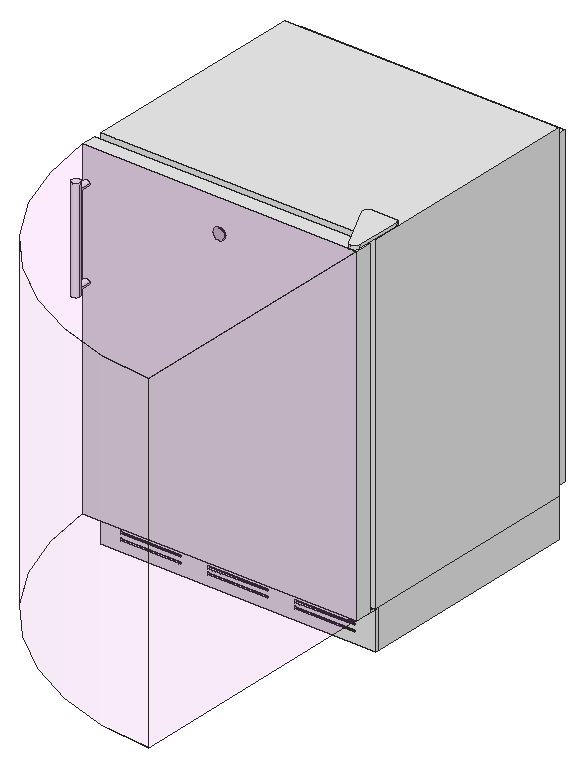
Revit family "QF_Summit_FF7LWADA_Refrigerator", category Specialty Equipment, Revit 2020
Family settings
  Round Connector Dimension = Use Diameter
  Part Type = Normal
  Work Plane-Based = No
  Always vertical = Yes
  Cut with Voids When Loaded = No
  Shared = No
  Room Calculation Point = No
Parameters
  Weight in Pounds = 100
  Watts = Volts * FL Amps  # 103.5 W
  Volts = 115 V
  URL Cutsheet = ""
  Specification by User = ""
  Specification by Manufacturer = ""
  Show LHD [instance] = no
  Right Hinged Door [instance] = not(Show LHD)  # yes
  Serial Number = ""
  Seismic Rating = ""
  SMACNA No = ""
  Revision Code = ""
  Refrigerant Volume = 0.00 kip
  Refrigerant Type = "R600a"
  Phase = 1
  Number of Poles = 1
  NAFEM Spec ID Number = ""
  Model = "FF7LWADA"
  Min Ckt Ampacity = 0 A
  Max Overcurrent Protection = 0 A
  Masterspec = ""
  Manufacturer = "Summit"
  Length = 23 5/8"
  Item Number = ""
  Installed By = ""
  Identify Quantity as Lot = yes
  Height = 32 1/4"
  HP = ""
  Furnished By = ""
  Foodservice Equipment Identifier = yes
  FL Amps = 0.9 A
  Electrical Remarks = ""
  Electric Connection Type = ""
  Elec Conn RI Height = 0"
  Elec Conn Connection Height = 0"
  Description = "Refrigerator"
  Depth = 23"
  Default Elevation = 0"
  Cycle = 60 Hz
  Conn Plug = ""
  Conn Conduit = yes
  CSI MasterFormat = ""
  BTUH = 0.0 Btu/h
  Apparent Power = if(Phase = 3, Volts * FL Amps * 1.73, Volts * FL Amps)  # 103.5 VA
Reference planes (in)
  plane 1 "BACK": y = 0
  plane 2: z = 0
  plane 3 "LEFT": x = 0
  plane 4 "RIGHT": x = 23.625
  plane 5 "FRONT": y = -23
  plane 6 "TOP": z = 32.25
  plane 7 "Center Y": x = 11.8125
  plane 8 "Center X": y = -11.5
  plane 9: z = 32
  plane 10: y = -24.5
  plane 11: y = -45.375
  plane 12: y = -1.25
  plane 13: y = -21
  plane 14: x = 16.625
  plane 15: z = 3.5
  plane 16: z = 0.25
  plane 17: z = 29.75
Forms (in)
  Extrusion 1, solid, material "QF_Clearances_Door_Drawer", visible <- "Right Hinged Door"
    sketch origin (-5.77638, -180, 3.5) x (0, -1, 0) y (-1, 0, 0)
      loop
        line (-157, -29.40138) -> (-134.625, -29.40138)
        arc (-134.625, -29.40138) -> (-141.23974, -13.26493) -> (-157, -5.79807) r 24.13488
        line (-157, -5.79807) -> (-157, -29.40138)
    from 0 to -28.5
  Extrusion 2, solid, material "QF_Metallic_Paint_White_Smooth"
    sketch origin (-4.07558, -180, 0.375) x (-1, 0, 0) y (0, -1, 0)
      loop
        line (-4.07558, -178.75) -> (-4.07558, -159) -> (-27.70058, -159) -> (-27.70058, -178.75) -> (-4.07558, -178.75)
    from 3.125 to 31.625
  Extrusion 3, solid, material "QF_Metallic_Paint_White_Smooth"
    sketch origin (-5.77638, -180.25, 3.625) x (-1, 0, 0) y (0, -1, 0)
      loop
        line (-5.77638, -157.25) -> (-29.40138, -157.25) -> (-29.40138, -158.61283) -> (-5.77638, -158.61283) -> (-5.77638, -157.25)
    from -0.125 to 28.375
  Extrusion 4, solid, material "QF_Metallic_Paint_White_Smooth"
    sketch origin (23.625, -21.63717, 3.625) x (-1, 0, 0) y (0, 0, 1)
      loop
        line (0.5, 0.375) -> (23.125, 0.375) -> (23.125, 27.875) -> (0.5, 27.875) -> (0.5, 0.375)
    from 0 to 0.63717
  Extrusion 5, solid, material "QF_Metallic_Paint_White_Smooth", visible <- "Right Hinged Door"
    sketch origin (-5.77638, -180.25, 32) x (-1, 0, 0) y (0, -1, 0)
      loop
        arc (-29.27619, -161.72812) -> (-29.20297, -161.9049) -> (-29.02619, -161.97812) r 0.25
        line (-29.02619, -161.97812) -> (-26.9149, -161.97812)
        arc (-26.9149, -161.97812) -> (-26.55876, -161.77457) -> (-26.55339, -161.36441) r 0.41333
        line (-26.55339, -161.36441) -> (-28.47012, -157.54371)
        arc (-28.47012, -157.54371) -> (-28.95386, -157.33588) -> (-29.27619, -157.75217) r 0.42999
        line (-29.27619, -157.75217) -> (-29.27619, -161.72812)
    from 0 to 0.25
  Extrusion 6, solid, material "QF_Metallic_Paint_White_Smooth", visible <- "Right Hinged Door"
    sketch origin (-5.77638, -180, 3.5) x (0, 1, 0) y (1, 0, 0)
      loop
        line (159, 29.27619) -> (157.50217, 29.27619)
        arc (157.50217, 29.27619) -> (157.08588, 28.95386) -> (157.29371, 28.47012) r 0.42999
        line (157.29371, 28.47012) -> (159, 27.61413) -> (159, 29.27619)
    from 0 to 0.125
  Extrusion 7, solid, material "QF_Metallic_Paint_White_Smooth"
    sketch origin (-12.48311, -21, 48.125) x (-1, 0, 0) y (0, 0, 1)
      loop
        line (-12.48311, -44.625) -> (-36.10811, -44.625) -> (-36.10811, -47.875) -> (-12.48311, -47.875) -> (-12.48311, -44.625)
      loop
        line (-14.18872, -45.26011) -> (-19.43872, -45.26011) -> (-19.43872, -45.51011) -> (-14.18872, -45.51011) -> (-14.18872, -45.26011)
      loop
        line (-14.18872, -45.76011) -> (-19.43872, -45.76011) -> (-19.43872, -46.01011) -> (-14.18872, -46.01011) -> (-14.18872, -45.76011)
      loop
        line (-14.18872, -46.26011) -> (-19.43872, -46.26011) -> (-19.43872, -46.51011) -> (-14.18872, -46.51011) -> (-14.18872, -46.26011)
      loop
        line (-14.18872, -46.76011) -> (-19.43872, -46.76011) -> (-19.43872, -47.01011) -> (-14.18872, -47.01011) -> (-14.18872, -46.76011)
      loop
        line (-21.67061, -45.26011) -> (-26.92061, -45.26011) -> (-26.92061, -45.51011) -> (-21.67061, -45.51011) -> (-21.67061, -45.26011)
      loop
        line (-21.67061, -45.76011) -> (-26.92061, -45.76011) -> (-26.92061, -46.01011) -> (-21.67061, -46.01011) -> (-21.67061, -45.76011)
      loop
        line (-21.67061, -46.26011) -> (-26.92061, -46.26011) -> (-26.92061, -46.51011) -> (-21.67061, -46.51011) -> (-21.67061, -46.26011)
      loop
        line (-21.67061, -46.76011) -> (-26.92061, -46.76011) -> (-26.92061, -47.01011) -> (-21.67061, -47.01011) -> (-21.67061, -46.76011)
      loop
        line (-34.40249, -45.26011) -> (-34.40249, -45.51011) -> (-29.15249, -45.51011) -> (-29.15249, -45.26011) -> (-34.40249, -45.26011)
      loop
        line (-34.40249, -45.76011) -> (-34.40249, -46.01011) -> (-29.15249, -46.01011) -> (-29.15249, -45.76011) -> (-34.40249, -45.76011)
      loop
        line (-34.40249, -46.26011) -> (-34.40249, -46.51011) -> (-29.15249, -46.51011) -> (-29.15249, -46.26011) -> (-34.40249, -46.26011)
      loop
        line (-34.40249, -46.76011) -> (-34.40249, -47.01011) -> (-29.15249, -47.01011) -> (-29.15249, -46.76011) -> (-34.40249, -46.76011)
    from 0 to 0.25
  Extrusion 8, solid, material "QF_Metallic_Paint_White_Smooth"
    sketch origin (-12.48311, -1, 48.125) x (-1, 0, 0) y (0, 0, 1)
      loop
        line (-12.48311, -44.625) -> (-36.10811, -44.625) -> (-36.10811, -47.875) -> (-12.48311, -47.875) -> (-12.48311, -44.625)
    from -19.75 to -0.25
  Extrusion 9, solid, material "QF_Metallic_Paint_White_Smooth"
    sketch origin (0, 0, 0.125) x (1, 0, 0) y (0, 1, 0)
      loop
        circle (3.1104, -19) r 0.5
      loop
        circle (3.1104, -3.25) r 0.5
      loop
        circle (19.67791, -19) r 0.5
      loop
        circle (19.67791, -3.25) r 0.5
    from -0.125 to 0.125
  Extrusion 10, solid, material "QF_Metallic_Paint_White_Smooth"
    sketch origin (-1.83669, -1.25, 0.375) x (1, 0, 0) y (0, 0, -1)
      loop
        circle (17.46169, -0.84684) r 0.25
    from 0 to 0.25
  Extrusion 11, solid, material "QF_Metallic_Paint_White_Smooth"
    sketch origin (0, -0.75, 17.875) x (0, -1, 0) y (1, 0, 0)
      loop
        line (-0.75, 0.5) -> (0.5, 0.5) -> (0.5, 23.125) -> (-0.75, 23.125) -> (-0.75, 0.5)
    from -13.875 to 13.25
  Extrusion 12, solid, material "QF_Metal_Stainless_Polished"
    sketch origin (0, -23, 3.625) x (1, 0, 0) y (0, 0, 1)
      loop
        circle (11.8125, 25.625) r 0.5
    from 0 to 0.0625
  Extrusion 13, solid, material "QF_Clearances_Door_Drawer", visible <- "Show LHD"
    sketch origin (29.40138, -180, 3.5) x (0, 1, 0) y (1, 0, 0)
      loop
        line (157, -29.40138) -> (157, -5.79807)
        arc (157, -5.79807) -> (141.23974, -13.26493) -> (134.625, -29.40138) r 24.13488
        line (134.625, -29.40138) -> (157, -29.40138)
    from 0 to -28.5
  Extrusion 14, solid, material "QF_Metallic_Paint_White_Smooth", visible <- "Show LHD"
    sketch origin (29.40138, -180.25, 32) x (1, 0, 0) y (0, 1, 0)
      loop
        line (-29.27619, 161.72812) -> (-29.27619, 157.75217)
        arc (-29.27619, 157.75217) -> (-28.95386, 157.33588) -> (-28.47012, 157.54371) r 0.42999
        line (-28.47012, 157.54371) -> (-26.55339, 161.36441)
        arc (-26.55339, 161.36441) -> (-26.55876, 161.77457) -> (-26.9149, 161.97812) r 0.41333
        line (-26.9149, 161.97812) -> (-29.02619, 161.97812)
        arc (-29.02619, 161.97812) -> (-29.20297, 161.9049) -> (-29.27619, 161.72812) r 0.25
    from 0 to 0.25
  Extrusion 15, solid, material "QF_Metallic_Paint_White_Smooth", visible <- "Show LHD"
    sketch origin (29.40138, -180, 3.5) x (0, -1, 0) y (-1, 0, 0)
      loop
        line (-159, 29.27619) -> (-159, 27.61413) -> (-157.29371, 28.47012)
        arc (-157.29371, 28.47012) -> (-157.08588, 28.95386) -> (-157.50217, 29.27619) r 0.42999
        line (-157.50217, 29.27619) -> (-159, 29.27619)
    from 0 to 0.125
  Extrusion 16, solid, material "QF_Metallic_Paint_White_Smooth", visible <- "Right Hinged Door"
    sketch origin (-4.33192, -180.25, 21) x (-1, 0, 0) y (0, -1, 0)
      loop
        circle (-4.68895, -156.10703) r 0.35703
    from 0 to 8.75
  Extrusion 17, solid, material "QF_Metallic_Paint_White_Smooth", visible <- "Show LHD"
    sketch origin (27.95692, -180.25, 21) x (1, 0, 0) y (0, 1, 0)
      loop
        circle (-4.68895, 156.10703) r 0.35703
    from 0 to 8.75
  Extrusion 18, solid, material "QF_Metallic_Paint_White_Smooth", visible <- "Right Hinged Door"
    sketch origin (-223.896, -23, 3) x (1, 0, 0) y (0, 0, -1)
      loop
        circle (224.25303, -26.12436) r 0.25
      loop
        circle (224.25303, -18.50617) r 0.25
    from 0 to -1
  Extrusion 19, solid, material "QF_Metallic_Paint_White_Smooth", visible <- "Show LHD"
    sketch origin (247.521, -23, 3) x (-1, 0, 0) y (0, 0, 1)
      loop
        circle (224.25303, 26.12436) r 0.25
      loop
        circle (224.25303, 18.50617) r 0.25
    from 0 to -1
Lines and regions (in)
  symbolic lines
    curve 1: line (23.625, -1.25, 0) -> (0, -1.25, 0)
    curve 2: line (23.125, 0, 0) -> (0.5, 0, 0)
    curve 3: line (0.5, 0, 0) -> (0.5, -1.25, 0)
    curve 4: line (23.125, -1.25, 0) -> (23.125, 0, 0)
    curve 5: line (0, -1.25, 0) -> (0, -21, 0)
    curve 6: line (23.625, -21, 0) -> (23.625, -1.25, 0)
    curve 22: line (23.49982, -21, 0) -> (23.625, -21, 0)
    curve 23: line (22.1574, -21.63717, 0) -> (1.46859, -21.63717, 0)
    curve 27: line (1.77949, -21, 0) -> (21.83775, -21, 0)
    curve 28: line (0.12294, -21.63717, 0) -> (0, -21.63717, 0)
  symbolic lines, style "SpecialityEquipment", visible <- "Right Hinged Door"
    curve 7: line (23.24982, -18.27188, 0) -> (21.13852, -18.27188, 0)
    curve 8: arc (21.13852, -18.27188, 0) -> (20.78238, -18.47543, 0) -> (20.77701, -18.88559, 0) r 0.41333
    curve 9: line (20.77701, -18.88559, 0) -> (22.69374, -22.70629, 0)
    curve 10: arc (22.69374, -22.70629, 0) -> (23.17748, -22.91412, 0) -> (23.49982, -22.49783, 0) r 0.42999
    curve 11: line (23.49982, -22.49783, 0) -> (23.49982, -18.52188, 0)
    curve 12: arc (23.49982, -18.52188, 0) -> (23.42659, -18.3451, 0) -> (23.24982, -18.27188, 0) r 0.25
    curve 17: line (0.5, -21, 0) -> (0.5, -21.63717, 0)
    curve 19: line (0.20004, -24.20003, 0) -> (0.20004, -23, 0)
    curve 20: line (0.79999, -23, 0) -> (0.79999, -24.20003, 0)
    curve 21: arc (0.20004, -24.20003, 0) -> (0.50001, -24.5, 0) -> (0.79999, -24.20003, 0) r 0.29997
  symbolic lines, style "SpecialityEquipment"
    curve 13: line (23.625, -23, 0) -> (23.625, -21.63717, 0)
    curve 14: line (0, -23, 0) -> (23.625, -23, 0)
    curve 15: line (23.625, -21.63717, 0) -> (23.49982, -21.63717, 0)
    curve 16: line (0, -21, 0) -> (0.13515, -21, 0)
    curve 18: line (0, -21.63717, 0) -> (0, -23, 0)
  symbolic lines, style "QF_Clearances_Door_Drawer", visible <- "Right Hinged Door"
    curve 24: line (23.625, -23, 0) -> (3.86412, -34.40895, 0)
    curve 25: arc (3.86412, -34.40895, 0) -> (1.22013, -28.9479, 0) -> (0.02169, -23, 0) r 24.13488
  symbolic lines, visible <- "Right Hinged Door"
    curve 26: line (0.13515, -21, 0) -> (1.77949, -21, 0)
    curve 29: line (1.46859, -21.63717, 0) -> (0.12294, -21.63717, 0)
  symbolic lines, style "SpecialityEquipment", visible <- "Show LHD"
    curve 30: line (0.37518, -18.27188, 0) -> (2.48648, -18.27188, 0)
    curve 31: arc (2.48648, -18.27188, 0) -> (2.84262, -18.47543, 0) -> (2.84799, -18.88559, 0) r 0.41333
    curve 32: line (2.84799, -18.88559, 0) -> (0.93126, -22.70629, 0)
    curve 33: arc (0.93126, -22.70629, 0) -> (0.44752, -22.91412, 0) -> (0.12518, -22.49783, 0) r 0.42999
    curve 34: line (0.12518, -22.49783, 0) -> (0.12518, -18.52188, 0)
    curve 35: arc (0.12518, -18.52188, 0) -> (0.19841, -18.3451, 0) -> (0.37518, -18.27188, 0) r 0.25
    curve 36: line (23.125, -21, 0) -> (23.125, -21.63717, 0)
    curve 37: line (23.42496, -24.20003, 0) -> (23.42496, -23, 0)
    curve 38: line (22.82501, -23, 0) -> (22.82501, -24.20003, 0)
    curve 39: arc (23.42496, -24.20003, 0) -> (23.12499, -24.5, 0) -> (22.82501, -24.20003, 0) r 0.29997
  symbolic lines, visible <- "Show LHD"
    curve 40: line (23.48985, -21, 0) -> (21.83775, -21, 0)
    curve 41: line (22.1574, -21.63717, 0) -> (23.49982, -21.63717, 0)
  symbolic lines, style "QF_Clearances_Door_Drawer", visible <- "Show LHD"
    curve 42: line (0, -23, 0) -> (19.76088, -34.40895, 0)
    curve 43: arc (19.76088, -34.40895, 0) -> (22.40487, -28.9479, 0) -> (23.60331, -23, 0) r 24.13488
Dimensions and locks (in)
  equal spacing: plane 3 "LEFT", plane 7 "Center Y", plane 4 "RIGHT"
  "Length": plane 3 "LEFT" to plane 4 "RIGHT"
  equal spacing: plane 5 "FRONT", plane 8 "Center X", plane 1 "BACK"
  "Depth": plane 5 "FRONT" to plane 1 "BACK"
  "Height": plane 6 "TOP" to level
  plane 4 "RIGHT" to plane 3 "LEFT" = 23 5/8"
  locked: plane 6 "TOP" to plane 9 at 0.25
  locked: plane 10 to plane 5 "FRONT" at 1.5
  plane 1 "BACK" to plane 12 = 1 1/4"
  plane 12 to plane 13 = 19 3/4"
  plane 9 to plane 2 = 32"
  plane 11 to plane 1 "BACK" = 45 3/8"
  plane 15 to plane 16 = 3 1/4"
  plane 16 to plane 2 = 1/4"
  plane 14 to plane 4 "RIGHT" = 7"
  aligned and locked: level to plane 2
Automatic sketch dimensions
  plane 5 "FRONT" to Extrusion 1 sketch curve = 0"
  Extrusion 1 sketch curve to plane 4 "RIGHT" = 0"
  Extrusion 1 sketch curve to plane 11 = 0"
  Extrusion 1 sketch curve to plane 13 = 0.24465"
  plane 3 "LEFT" to Extrusion 1 sketch curve = 0.02169"
  Extrusion 2 sketch curve to plane 4 "RIGHT" = 0"
  Extrusion 2 sketch curve to plane 3 "LEFT" = 0"
  Extrusion 2 sketch curve to plane 12 = 0"
  Extrusion 2 sketch curve to plane 13 = 0"
  Extrusion 3 sketch curve to plane 4 "RIGHT" = 0"
  Extrusion 3 sketch curve to plane 3 "LEFT" = 0"
  plane 5 "FRONT" to Extrusion 3 sketch curve = 0"
  Extrusion 3 sketch curve to plane 13 = 0.63717"
  Extrusion 3 to Extrusion 4 sketch curve = 1/2"  (x3)
  Extrusion 4 sketch curve to Extrusion 3 = 1/2"
  Extrusion 5 sketch curve to Extrusion 3 = 0.12518"
  Extrusion 5 sketch curve to Extrusion 5 sketch curve = 1/4"
  Extrusion 5 sketch curve to Extrusion 5 sketch curve = 0.42999"
  Extrusion 5 sketch curve to Extrusion 3 = 0.29371"
  Extrusion 5 sketch curve to Extrusion 5 sketch curve = 0.37608"
  Extrusion 5 sketch curve to Extrusion 5 sketch curve = 2.1113"
  Extrusion 5 sketch curve to Extrusion 5 sketch curve = 0.36151"
  Extrusion 3 to Extrusion 5 sketch curve = 2.75158"
  Extrusion 5 sketch curve to Extrusion 5 sketch curve = 0.20039"
  Extrusion 6 sketch curve to plane 13 = 0"
  Extrusion 6 sketch curve to plane 5 "FRONT" = 0.50217"
  Extrusion 6 sketch curve to plane 5 "FRONT" = 0.29371"
  plane 4 "RIGHT" to Extrusion 6 sketch curve = 0.12518"
  Extrusion 6 sketch curve to Extrusion 6 sketch curve = 0.42999"
  Extrusion 6 sketch curve to Extrusion 6 sketch curve = 1.66207"
  plane 4 "RIGHT" to Extrusion 7 sketch curve = 0"
  Extrusion 7 sketch curve to plane 3 "LEFT" = 0"
  Extrusion 7 sketch curve to plane 16 = 0"
  Extrusion 7 sketch curve to plane 15 = 0"
  plane 4 "RIGHT" to Extrusion 7 sketch curve = 1.70562"
  Extrusion 7 sketch curve to Extrusion 7 sketch curve = 0"  (x15)
  Extrusion 7 sketch curve to plane 14 = 0.04438"  (x4)
  plane 16 to Extrusion 7 sketch curve = 0.86489"  (x2)
  plane 14 to Extrusion 7 sketch curve = 2 3/16"
  Extrusion 7 sketch curve to plane 15 = 1.13511"
  Extrusion 7 sketch curve to plane 7 "Center Y" = 2 5/8"
  plane 16 to Extrusion 7 sketch curve = 1.11489"
  Extrusion 7 sketch curve to Extrusion 7 sketch curve = 2.23188"
  plane 3 "LEFT" to Extrusion 7 sketch curve = 1.70562"
  Extrusion 7 sketch curve to Extrusion 7 sketch curve = 1/4"  (x20)
  plane 4 "RIGHT" to Extrusion 8 sketch curve = 0"
  Extrusion 8 sketch curve to plane 3 "LEFT" = 0"
  Extrusion 8 sketch curve to plane 16 = 0"
  Extrusion 8 sketch curve to plane 15 = 0"
  plane 3 "LEFT" to Extrusion 9 sketch curve = 3.1104"  (x2)
  Extrusion 9 sketch curve to plane 14 = 3.05291"  (x2)
  plane 13 to Extrusion 9 sketch curve = 2"  (x2)
  Extrusion 9 sketch curve to plane 12 = 2"  (x2)
  Extrusion 10 sketch curve to Extrusion 2 = 2.27816"
  Extrusion 10 sketch curve to Extrusion 2 = 8"
  plane 1 "BACK" to Extrusion 11 sketch curve = 0"
  Extrusion 11 sketch curve to plane 12 = 0"
  plane 3 "LEFT" to Extrusion 11 sketch curve = 1/2"
  plane 4 "RIGHT" to Extrusion 11 sketch curve = 1/2"
  Extrusion 3 to Extrusion 12 sketch curve = 2 3/4"
  Extrusion 3 to Extrusion 12 sketch curve = 11 13/16"
  Extrusion 13 sketch curve to plane 3 "LEFT" = 0"
  Extrusion 13 sketch curve to plane 11 = 0"
  plane 5 "FRONT" to Extrusion 13 sketch curve = 0"
  Extrusion 13 sketch curve to plane 13 = 0.24465"
  plane 4 "RIGHT" to Extrusion 13 sketch curve = 0.02169"
  Extrusion 14 sketch curve to Extrusion 3 = 0.12518"
  Extrusion 14 sketch curve to Extrusion 14 sketch curve = 1/4"
  Extrusion 14 sketch curve to Extrusion 14 sketch curve = 0.42999"
  Extrusion 14 sketch curve to Extrusion 3 = 0.29371"
  Extrusion 14 sketch curve to Extrusion 14 sketch curve = 0.37608"
  Extrusion 14 sketch curve to Extrusion 14 sketch curve = 2.1113"
  Extrusion 14 sketch curve to Extrusion 14 sketch curve = 0.36151"
  Extrusion 3 to Extrusion 14 sketch curve = 2.75158"
  Extrusion 14 sketch curve to Extrusion 14 sketch curve = 0.20039"
  Extrusion 15 sketch curve to plane 13 = 0"
  plane 3 "LEFT" to Extrusion 15 sketch curve = 0.12518"
  Extrusion 15 sketch curve to plane 5 "FRONT" = 0.50217"
  Extrusion 15 sketch curve to plane 5 "FRONT" = 0.29371"
  Extrusion 15 sketch curve to Extrusion 15 sketch curve = 0.42999"
  Extrusion 15 sketch curve to Extrusion 15 sketch curve = 1.66207"
  curve 42 to plane 3 "LEFT" = 0"
  curve 16 to plane 3 "LEFT" = 0"
  plane 5 "FRONT" to curve 25 = 0"
  curve 16 to plane 13 = 0"
  plane 1 "BACK" to curve 2 = 0"
  curve 3 to plane 12 = 0"
  curve 40 to plane 13 = 0"
  curve 22 to plane 13 = 0"
  curve 13 to plane 4 "RIGHT" = 0"
  curve 22 to plane 4 "RIGHT" = 0"
  curve 43 to plane 3 "LEFT" = 0.46765"
  curve 18 to curve 28 = 0.12294"
  plane 3 "LEFT" to curve 34 = 0.12518"
  plane 3 "LEFT" to curve 16 = 0.13515"
  plane 3 "LEFT" to curve 19 = 0.20004"
  curve 34 to curve 35 = 1/4"
  plane 3 "LEFT" to curve 2 = 1/2"
  curve 19 to curve 21 = 0.29997"
  curve 34 to curve 33 = 0.42999"
  curve 32 to plane 5 "FRONT" = 0.29371"
  curve 20 to curve 32 = 0.13127"
  curve 32 to curve 29 = 0.53733"
  curve 23 to curve 26 = 0.3109"
  curve 35 to curve 31 = 2.1113"
  curve 31 to curve 32 = 0.36151"
  plane 3 "LEFT" to curve 24 = 3.86412"
  curve 42 to plane 14 = 3.13588"
  plane 4 "RIGHT" to curve 9 = 2.84799"
  curve 9 to curve 8 = 0.36151"
  curve 9 to plane 5 "FRONT" = 0.29371"
  plane 4 "RIGHT" to curve 9 = 0.93126"
  plane 4 "RIGHT" to curve 38 = 0.79999"
  curve 9 to curve 10 = 0.37608"
  curve 39 to curve 39 = 0.29997"
  plane 4 "RIGHT" to curve 2 = 1/2"
  plane 4 "RIGHT" to curve 12 = 0.37518"
  plane 4 "RIGHT" to curve 11 = 0.12518"
  curve 25 to plane 4 "RIGHT" = 0.46765"
  plane 10 to curve 19 = 0.29997"
  plane 10 to curve 37 = 0.29997"
  curve 24 to plane 10 = 9.90895"
  curve 42 to plane 10 = 9.90895"
  curve 18 to curve 5 = 0.63717"
  curve 15 to plane 13 = 0.63717"
  curve 25 to plane 13 = 0.24465"
  curve 43 to plane 13 = 0.24465"
  plane 13 to curve 32 = 2.11441"
  plane 13 to curve 9 = 2.11441"
  curve 9 to curve 8 = 0.20039"
  curve 32 to curve 31 = 0.20039"
  curve 28 to curve 17 = 0.37706"
  curve 41 to curve 23 = 0"
  curve 36 to curve 15 = 0.37482"
  curve 40 to curve 22 = 0.00997"
  plane 3 "LEFT" to Extrusion 16 sketch curve = 0.35703"
  plane 10 to Extrusion 16 sketch curve = 0.35703"
  Extrusion 17 sketch curve to Extrusion 17 sketch curve = 0"  (x2)
  Extrusion 17 sketch curve to plane 4 "RIGHT" = 0"
  Extrusion 17 sketch curve to Extrusion 17 sketch curve = 0.35703"
  plane 10 to Extrusion 17 sketch curve = 0.35703"
  plane 3 "LEFT" to Extrusion 18 sketch curve = 0.35703"  (x2)
  plane 15 to Extrusion 18 sketch curve = 25.62436"
  plane 16 to Extrusion 18 sketch curve = 21.25617"
  plane 4 "RIGHT" to Extrusion 19 sketch curve = 0.35703"  (x2)
  plane 16 to Extrusion 19 sketch curve = 21.25617"
  plane 15 to Extrusion 19 sketch curve = 25.62436"
  radius of Extrusion 9 sketch curve = 1/2"  (x4)
  radius of Extrusion 10 sketch curve = 1/4"
  radius of Extrusion 12 sketch curve = 1/2"
  radius of Extrusion 16 sketch curve = 0.35703"
  radius of Extrusion 18 sketch curve = 1/4"  (x2)
  radius of Extrusion 19 sketch curve = 1/4"  (x2)
Connectors (in)
  electrical at (15.625, -1, 1.22184), driven by "Volts", driven by "Watts"
    settings: on Extrusion 10, index 2, voltage 115 V, apparent load 103.5 VA, apparent load phase1 0 VA, apparent load phase2 0 VA, apparent load phase3 0 VA, power factor 1, load classification "Other", number of poles 1, system type 30, power factor state 1, is connector primary yes, connector utility no, sub classification motor no, connector description ""
